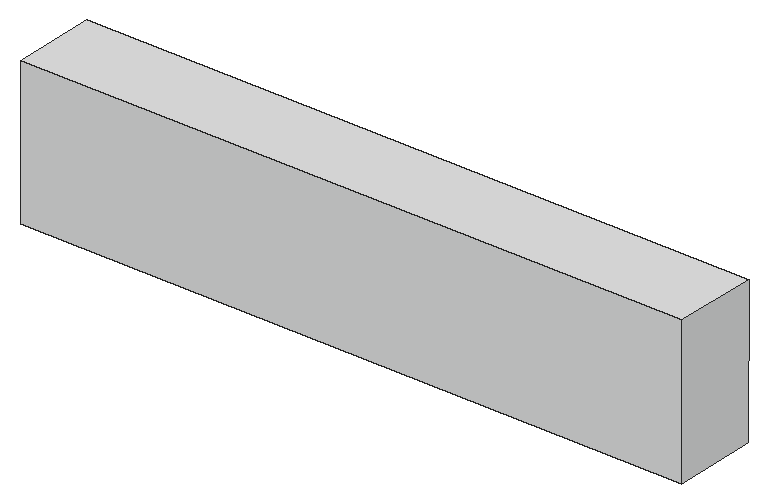
Revit family "Lighting-Recessed-Amerlux-Carisma 3 ", category Lighting Fixtures, host Face, Revit 2020
Family settings
  Host = Face
  Round Connector Dimension = Use Diameter
  Part Type = Normal
  Cut with Voids When Loaded = No
  Light Source = Yes
  Shared = No
  Room Calculation Point = No
Parameters (values of type "Carisma 3 Recessed")
  Width = 0' - 3"
  Wattage = 9.2903 W
  built-in parameter 1150110 = 1 (stored number, unit not read)
  Voltage = 0 V
  URL = "http://www.amerlux.com/"
  built-in parameter 1114217 = 1 (stored number, unit not read)
  Tilt Angle = -90.00°
  built-in parameter 1150109 = 1 (stored number, unit not read)
  built-in parameter 1150134 = 3
  built-in parameter 1150113 = 1 (stored number, unit not read)
  Right Cable [instance] = yes
  Power Factor = 1
  Photometric Web File = "Load File"
  Number of Poles = 1
  built-in parameter 1150142 = (empty or 0)
  Model = "Carisma 3 Recessed"
  Manufacturer = "Amerlux"
  built-in parameter 1150105 = 109.82 (stored number, unit not read)
  Lumens = 1380 lm
  built-in parameter 1150115 = 1 (stored number, unit not read)
  built-in parameter 1150137 = (empty or 0)
  built-in parameter 1150139 = (empty or 0)
  Length = 2' - 0"
  Left Cable [instance] = yes
  built-in parameter 1150112 = 1 (stored number, unit not read)
  built-in parameter 1150114 = 1 (stored number, unit not read)
  built-in parameter 1150132 = (empty or 0)
  built-in parameter 1150102 = (empty or 0)
  built-in parameter 1150107 = 3200 (stored number, unit not read)
  built-in parameter 1150138 = (empty or 0)
  built-in parameter 1150106 = 1.0982 (stored number, unit not read)
  Fixture Finish = Aluminum Finish
  Emit from Line Length = Length  # 2' - 0"
  built-in parameter 1150104 = 13.8 (stored number, unit not read)
  Dimming Lamp Color Temperature Shift = <None>
  Description = "Linear LED"
  Default Elevation = 4' - 0"
  Color Filter = 16777215
  built-in parameter 1114218 = 1 (stored number, unit not read)
  built-in parameter 1150133 = 10 (stored number, unit not read)
  Apparent Load = 0 VA
Reference planes (in)
  plane 1 "Center (Front/Back)": y = 0
  plane 2: z = 0
  plane 3 "Center (Left/Right)": x = 0
  plane 4: y = -1.5
  plane 5: y = 1.5
  plane 6: z = -0.8125
  plane 7: x = -12
  plane 8: x = 12
  plane 9: x = -11.125
  plane 10: x = 11.125
Forms (in)
  Extrusion 1, solid, material "Aluminum Finish" <- "Fixture Finish"
    sketch origin (0, 0, 0.6875) x (0, 1, 0) y (0, 0, 1)
      loop
        line (1.5, -0.6875) -> (-1.5, -0.6875) -> (-1.5, -6) -> (1.5, -6) -> (1.5, -0.6875)
    from -12 to 12
  Extrusion 2, void
    sketch origin (0, 0, 0) x (1, 0, 0) y (0, 1, 0)
      loop
        line (-12, 1.5) -> (-12, -1.5) -> (12, -1.5) -> (12, 1.5) -> (-12, 1.5)
    from -2.1063 to 0
Dimensions and locks (in)
  equal spacing: plane 5, plane 1 "Center (Front/Back)", plane 4
  "Width": plane 5 to plane 4
  equal spacing: plane 7, plane 3 "Center (Left/Right)", plane 8
  "Length": plane 7 to plane 8
  locked: imposter light to plane 6 at 0.8125
  locked: plane 7 to plane 9 at 0.875
  plane 10 to Extrusion 1 = 0' - 0 7/8"
  locked: Extrusion 1 sketch curve to Extrusion 1 sketch curve at 5.3125
  aligned and locked: plane 2 to host face
  aligned and locked: level to host face
  aligned and locked: Extrusion 1 to plane 7
  aligned and locked: plane 8 to Extrusion 1
  aligned and locked: Extrusion 1 sketch curve to plane 4
  aligned and locked: plane 5 to Extrusion 1 sketch curve
  aligned and locked: imposter light to plane 1 "Center (Front/Back)"
  aligned and locked: Extrusion 2 sketch curve to Extrusion 1  (x4)
Automatic sketch dimensions
  host sketch curve to host sketch curve = 8' - 0"  (x2)
  Extrusion 1 sketch curve to level = 0' - 0"
Connectors (in)
  electrical at (12, 0, -2.65625), driven by "Number of Poles", driven by "Voltage", driven by "Apparent Load", driven by "Power Factor"
    settings: on Extrusion 1, index 1, voltage 0 V, apparent load 0 VA, apparent load phase1 0 VA, apparent load phase2 0 VA, apparent load phase3 0 VA, power factor 1, load classification "Other", number of poles 1, system type 31, power factor state 1, is connector primary yes, connector utility no, sub classification motor no, connector description "Power"
